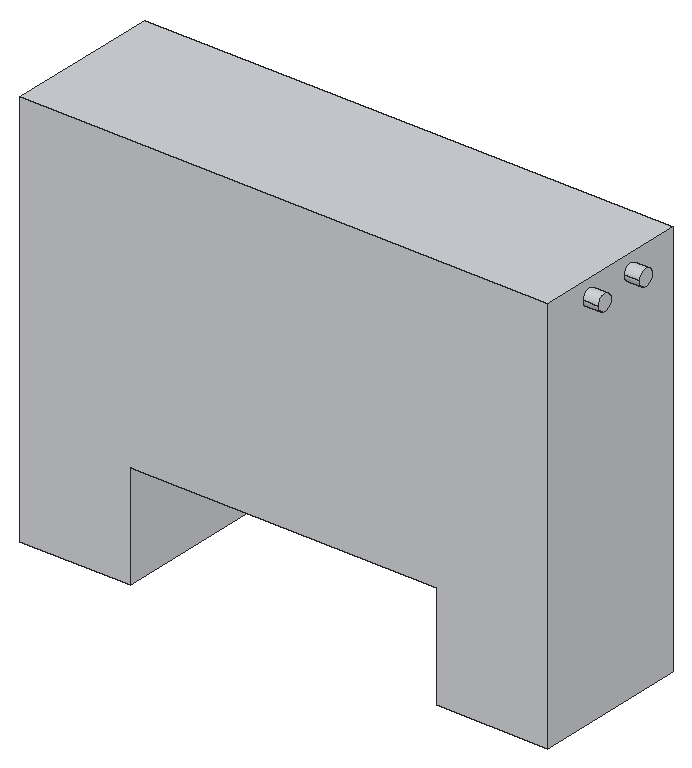
Revit family "6b0bdee74ea5440db9b229f9d7aa9c78", category Mechanical Equipment, Revit 2021
Family settings
  Round Connector Dimension = Use Radius
  Part Type = Normal
  OmniClass Number = 23.75.70.17.34
  OmniClass Title = Unit Heaters
  Seek Item ID = Unit Heater - Cabinet - Vertical-0000-USA-ENU
  Work Plane-Based = No
  Always vertical = Yes
  Cut with Voids When Loaded = No
  Shared = No
  Room Calculation Point = No
Parameters (values of type "20 MBH")
  Pressure Drop [instance] = 50.00 psi
  Inlet Radius = Outlet Radius  # 1/2"
  Inlet Diameter = Inlet Radius * 2  # 1"
  Outlet Radius = 1/2"
  Outlet Diameter = Outlet Radius * 2  # 1"
  Heating Load [instance] = 20000.0 Btu/h
  Heater Material = none
  Heater Length = 2' - 9 5/16"
  Flow [instance] = 2 GPM
  Entering Water Temperature [instance] = 200 °F
  Default Elevation = 0' - 0"
Types (6): name | Heating Load | Heater Length | Flow
  (no name) | 20000.0 Btu/h | 2' - 9 5/16" | 2 GPM
  20 MBH | 20000.0 Btu/h | 2' - 9 5/16" | 2 GPM
  30 MBH | 30000.0 Btu/h | 3' - 2 5/16" | 3 GPM
  40 MBH | 40000.0 Btu/h | 3' - 11 13/16" | 5 GPM
  50 MBH | 50000.0 Btu/h | 4' - 8 5/16" | 5 GPM
  80 MBH | 80000.0 Btu/h | 6' - 3 5/16" | 8 GPM
Reference planes (in)
  plane 1 "Center (Front/Back)": y = 0
  plane 2: z = 0
  plane 3 "Center (Left/Right)": x = 0
  plane 4: z = 25.125
  plane 5: z = 6.625
  plane 6: z = 24.125
  plane 7: y = 9.875
  plane 8: y = 6.5
  plane 9: y = 3.25
  plane 10: x = 7
  plane 11: x = 26.3125
  plane 12: x = 33.3125
  plane 13: x = 34.3125
Forms (in)
  Extrusion 1, solid
    sketch origin (0, 0, 0) x (1, 0, 0) y (0, 1, 0)
      loop
        line (0, 9.875) -> (0, 0) -> (33.3125, 0) -> (33.3125, 9.875) -> (0, 9.875)
    from 0 to 25.125
  Extrusion 2, void
    sketch origin (0, 0, 0) x (1, 0, 0) y (0, 1, 0)
      loop
        line (7, 9.875) -> (7, 0) -> (26.3125, 0) -> (26.3125, 9.875) -> (7, 9.875)
    from 0 to 6.625
  Extrusion 3, solid
    sketch origin (33.3125, 55.10902, 48) x (0, 1, 0) y (0, 0, 1)
      loop
        circle (-51.85902, -23.875) r 0.5
      loop
        circle (-48.60902, -23.875) r 0.5
    from 0 to 1
Cuts and joins
  Extrusion 2 cuts Extrusion 1
Dimensions and locks (in)
  locked: plane 4 to plane 2 at 25.125
  locked: plane 5 to plane 2 at 6.625
  locked: plane 4 to plane 6 at 1
  locked: plane 1 "Center (Front/Back)" to plane 7 at 9.875
  locked: plane 1 "Center (Front/Back)" to plane 9 at 3.25
  locked: plane 8 to plane 9 at 3.25
  "Heater Length": plane 3 "Center (Left/Right)" to plane 12
  locked: plane 12 to plane 13 at 1
  plane 3 "Center (Left/Right)" to plane 10 = 0' - 7"
  plane 11 to plane 12 = 0' - 7"
  "Inlet Radius": radius of Extrusion 3 sketch curve
  "Outlet Radius": radius of Extrusion 3 sketch curve
  aligned and locked: plane 7 to Extrusion 1
  aligned and locked: plane 12 to Extrusion 1
  aligned and locked: Extrusion 1 to plane 3 "Center (Left/Right)"
  aligned and locked: plane 4 to Extrusion 1
  aligned and locked: plane 10 to Extrusion 2 sketch curve
  aligned and locked: Extrusion 2 sketch curve to plane 7
  aligned and locked: plane 1 "Center (Front/Back)" to Extrusion 2 sketch curve
  aligned and locked: Extrusion 2 sketch curve to plane 11
  aligned and locked: Extrusion 2 to level
  aligned and locked: plane 9 to Extrusion 3 sketch curve
  aligned and locked: plane 6 to Extrusion 3 sketch curve  (x2)
  aligned and locked: plane 8 to Extrusion 3 sketch curve
  aligned and locked: plane 13 to Extrusion 3
  aligned and locked: Extrusion 3 to plane 12
Automatic sketch dimensions
  Extrusion 1 sketch curve to plane 1 "Center (Front/Back)" = 0' - 0"
  Extrusion 1 sketch curve to plane 3 "Center (Left/Right)" = 0' - 0"
  Extrusion 1 sketch curve to plane 7 = 0' - 0"
  Extrusion 1 sketch curve to plane 13 = 0' - 1"
Connectors (in)
  piping at (34.3125, 6.5, 24.125), diameter 1, driven by "Pressure Drop", driven by "Flow", driven by "Outlet Radius"
    settings: on Extrusion 3, index 1, connector inside diameter 1", connector length 0' - 0", flow factor 0, pipe flow 2 GPM, pressure drop 50.00 psi, fitting loss kfactor 0, connector angle 0.00°, fixture units 0, engagement length 0' - 0", angle of deflection 0.00°, flow configuration 1, flow direction 2, fitting loss method 4, system type 8, joint type 0, gender type 0, connector reference index 2, connector utility 0, adjustable connector no, is connector primary yes, connector description "Hot water hydronic return"
  piping at (34.3125, 3.25, 24.125), diameter 1, driven by "Flow", driven by "Inlet Radius"
    settings: on Extrusion 3, index 2, connector inside diameter 1", connector length 0' - 0", flow factor 0, pipe flow 2 GPM, pressure drop 0.00 psi, fitting loss kfactor 0, connector angle 0.00°, fixture units 0, engagement length 0' - 0", angle of deflection 0.00°, flow configuration 1, flow direction 1, fitting loss method 0, system type 7, joint type 0, gender type 0, connector reference index 1, connector utility 0, adjustable connector no, is connector primary no, connector description "Hot water hydronic supply"
